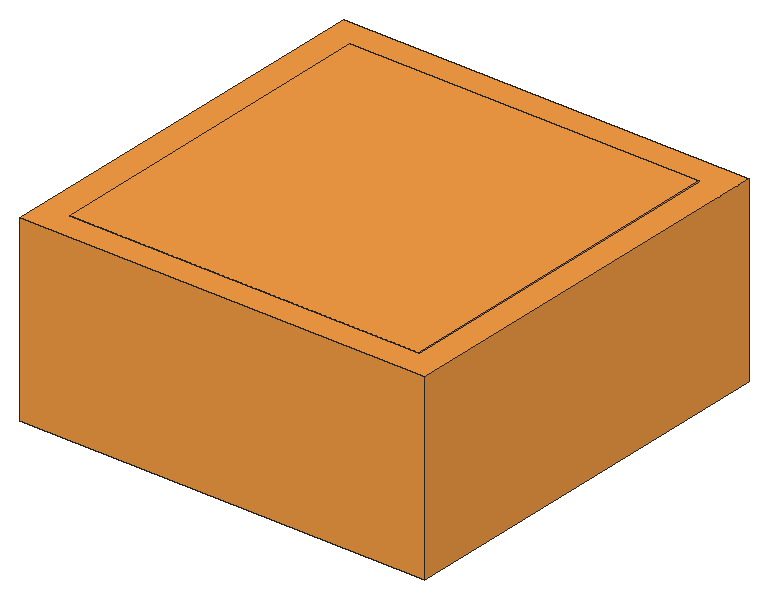
Revit family "Detector Titanus PRO·SENS tipo TP1_Aguilera Electronica", category Dispositivos de alarma de incendios, Revit 2017
Family settings
  Anfitrión = Cara
  Mantener orientación de anotación = Sí
  Cota de conector redondo = Diámetro de uso
  Tipo de pieza = Normal
  Número OmniClass = 23.85.30.21.11.17
  Título OmniClass = Other Components
  Corte con vacíos al cargar = No
  Compartido = No
  Punto de cálculo de habitación = No
Parameters (values of type "Titanus PRO·SENS tipo TP1 de 1 módulo de detección - Sensibilidad 0,5%")
  Zona de acción 80 m2 = yes
  Zona de acción 60 m2 = yes
  Voltaje = ""
  URL = "http://aguilera.es/?productos=titanus-prosens-tipo-tp1-1-modulo-de-deteccion"
  Símbolo texto modelo = yes
  Símbolo = yes
  Modelo = "AETP1-50"
  Fondo = 113 mm
  Fabricante = "Aguilera Electrónica"  # constant formula
  Elevación por defecto = 1200 mm
  Diámetro tubo = 20 mm
  Description = "El TITANUS PRO·SENS® ha sido desarrollado para una gran gama de aplicaciones. La alta modularidad del sistema ofrece una solución económica adaptada a las necesidades individuales del cliente.\r\n\r\nOfrece las opciones siguientes:\r\n\r\nConexión de uno o dos módulos detectores. Con un solo equipo podemos vigilar dos zonas, o bien doble detección en la misma zona (mediante el uso del adaptador en “”””Y”””” AET-P01109255).\r\nDe 1 a 3 niveles de alarma (aviso, prealarma y alarma) con relés conmutados libres de tensión, en función del modelo, para cada módulo detector.\r\nRelé de avería.\r\nConexión a red Ethernet, mediante tarjeta de red AET/ IT (No para modelos TP1).\r\nConexión al bucle algorítmico de Aguilera Electrónica mediante la tarjeta AE/SA-IT.\r\nVersión para zonas de congelación, que se puede utilizar en aplicaciones hasta – 40ºC.\r\nVersión silenciosa, con un nivel de ruido de 23dB(A).\r\n\r\nCaracterísticas técnicas:\r\n\r\nAlimentación: 24Vcc (14-30).\r\nDimensiones: 200x292x113 mm.\r\nIntervalo de temperatura: -20ºC a +60ºC.\r\nHumedad: del 10% al 95% sin condensación.\r\nCertificados EN 54-20 clases A, B, C nº 0786-CPD-20685.\r\nHomologados VdS, nº G 202064.\r\n"  # constant formula
  Código de montaje = "D5030700"
  Comentarios de tipo = "1 Nivel de alarma.\r\nNº máx. orificios de aspiración: 32.\r\nLongitud máx. de conducto: 300 m.\r\nConsumo en reposo: 200 mA.\r\nConsumo máximo en alarma: 210 mA””.\r\nSensibilidad: 0,5%."
  Ancho = 200 mm
  Alto = 292 mm
Types (23, lengths in mm): name | Modelo | Comentarios de tipo
  (no name) | "AETP1-50" | "1 Nivel de alarma.\r\nNº máx. orificios de aspiración: 32.\r\nLongitud máx. de conducto: 300 m.\r\nConsumo en reposo: 200 mA.\r\nConsumo máximo en alarma: 210 mA””.\r\nSensibilidad: 0,5%."
  Titanus PRO·SENS tipo TP1 de 1 módulo de detección - Sensibilidad 0,5% | "AETP1-50" | "1 Nivel de alarma.\r\nNº máx. orificios de aspiración: 32.\r\nLongitud máx. de conducto: 300 m.\r\nConsumo en reposo: 200 mA.\r\nConsumo máximo en alarma: 210 mA””.\r\nSensibilidad: 0,5%."
  Titanus PRO·SENS tipo TP1 de 1 módulo de detección - Sensibilidad 0,1% | "AETP1-10" | "1 Nivel de alarma.\r\nNº máx. orificios de aspiración: 32.\r\nLongitud máx. de conducto: 300 m.\r\nConsumo en reposo: 200 mA.\r\nConsumo máximo en alarma: 210 mA””.\r\nSensibilidad: 0,1%."
  Titanus PRO·SENS tipo TP1 de 1 módulo de detección - Sensibilidad 0,015% | "AETP1-01" | "1 Nivel de alarma.\r\nNº máx. orificios de aspiración: 32.\r\nLongitud máx. de conducto: 300 m.\r\nConsumo en reposo: 200 mA.\r\nConsumo máximo en alarma: 210 mA””.\r\nSensibilidad: 0,015%."
  Titanus PRO·SENS tipo TP1 de 1 módulo de detección para ambiente frigorífico - Sensibilidad 0,5% | "AETP1-F50" | "1 Nivel de alarma.\r\nNº máx. orificios de aspiración: 32.\r\nLongitud máx. de conducto: 300 m.\r\nConsumo en reposo: 200 mA.\r\nConsumo máximo en alarma: 210 mA””.\r\nSensibilidad: 0,5%."
  Titanus PRO·SENS tipo TP1 de 1 módulo de detección para ambiente frigorífico - Sensibilidad 0,1% | "AETP1-F10" | "1 Nivel de alarma.\r\nNº máx. orificios de aspiración: 32.\r\nLongitud máx. de conducto: 300 m.\r\nConsumo en reposo: 200 mA.\r\nConsumo máximo en alarma: 210 mA””.\r\nSensibilidad: 0,1%."
  Titanus PRO·SENS tipo TP1 de 1 módulo de detección para ambiente frigorífico - Sensibilidad 0,015% | "AETP1-F01" | "1 Nivel de alarma.\r\nNº máx. orificios de aspiración: 32.\r\nLongitud máx. de conducto: 300 m.\r\nConsumo en reposo: 200 mA.\r\nConsumo máximo en alarma: 210 mA””.\r\nSensibilidad: 0,015%."
  Titanus PRO·SENS tipo TP1 de 2 módulos de detección - Sensibilidad 0,5% y 0,5% | "AETP1-2-50" | "1 Nivel de alarma.\r\nNº máx. orificios de aspiración: 64 (2 x 32).\r\nLongitud máx. de conducto: 560 m (2 x 280).\r\nConsumo en reposo: 220 mA.\r\nConsumo máximo en alarma: 240 mA.\r\nSensibilidad Módulo 1: 0,5%.\r\nSensibilidad Módulo 2: 0,5%."
  Titanus PRO·SENS tipo TP1 de 2 módulos de detección - Sensibilidad 0,1% y 0,5% | "AETP1-2-1050" | "1 Nivel de alarma.\r\nNº máx. orificios de aspiración: 64 (2 x 32).\r\nLongitud máx. de conducto: 560 m (2 x 280).\r\nConsumo en reposo: 220 mA.\r\nConsumo máximo en alarma: 240 mA.\r\nSensibilidad Módulo 1: 0,1%.\r\nSensibilidad Módulo 2: 0,5%."
  Titanus PRO·SENS tipo TP1 de 2 módulos de detección - Sensibilidad 0,1% y 0,1% | "AETP1-2-10" | "1 Nivel de alarma.\r\nNº máx. orificios de aspiración: 64 (2 x 32).\r\nLongitud máx. de conducto: 560 m (2 x 280).\r\nConsumo en reposo: 220 mA.\r\nConsumo máximo en alarma: 240 mA.\r\nSensibilidad Módulo 1: 0,1%.\r\nSensibilidad Módulo 2: 0,1%."
  Titanus PRO·SENS tipo TP1 de 2 módulos de detección - Sensibilidad 0,15% y 0,5% | "AETP1-2-0150" | "1 Nivel de alarma.\r\nNº máx. orificios de aspiración: 64 (2 x 32).\r\nLongitud máx. de conducto: 560 m (2 x 280).\r\nConsumo en reposo: 220 mA.\r\nConsumo máximo en alarma: 240 mA.\r\nSensibilidad Módulo 1: 0,15%.\r\nSensibilidad Módulo 2: 0,5%."
  Titanus PRO·SENS tipo TP1 de 2 módulos de detección - Sensibilidad 0,15% y 0,1% | "AETP1-2-0110" | "1 Nivel de alarma.\r\nNº máx. orificios de aspiración: 64 (2 x 32).\r\nLongitud máx. de conducto: 560 m (2 x 280).\r\nConsumo en reposo: 220 mA.\r\nConsumo máximo en alarma: 240 mA.\r\nSensibilidad Módulo 1: 0,15%.\r\nSensibilidad Módulo 2: 0,1%."
  Titanus PRO·SENS tipo TP1 de 2 módulos de detección - Sensibilidad 0,15% y 0,15% | "AETP1-2-01" | "1 Nivel de alarma.\r\nNº máx. orificios de aspiración: 64 (2 x 32).\r\nLongitud máx. de conducto: 560 m (2 x 280).\r\nConsumo en reposo: 220 mA.\r\nConsumo máximo en alarma: 240 mA.\r\nSensibilidad Módulo 1: 0,15%.\r\nSensibilidad Módulo 2: 0,15%."
  Titanus PRO·SENS tipo TP1 de 2 módulos de detección para ambiente frigorífico - Sensibilidad 0,5% y 0,5% | "AETP1-F2-50" | "1 Nivel de alarma.\r\nNº máx. orificios de aspiración: 64 (2 x 32).\r\nLongitud máx. de conducto: 560 m (2 x 280).\r\nConsumo en reposo: 220 mA.\r\nConsumo máximo en alarma: 240 mA.\r\nSensibilidad Módulo 1: 0,5%.\r\nSensibilidad Módulo 2: 0,5%."
  Titanus PRO·SENS tipo TP1 de 2 módulos de detección para ambiente frigorífico - Sensibilidad 0,1% y 0,1% | "AETP1-F2-10" | "1 Nivel de alarma.\r\nNº máx. orificios de aspiración: 64 (2 x 32).\r\nLongitud máx. de conducto: 560 m (2 x 280).\r\nConsumo en reposo: 220 mA.\r\nConsumo máximo en alarma: 240 mA.\r\nSensibilidad Módulo 1: 0,1%.\r\nSensibilidad Módulo 2: 0,1%."
  Titanus PRO·SENS tipo TP1 de 2 módulos de detección para ambiente frigorífico - Sensibilidad 0,1% y 0,5% | "AETP1-F2-1050" | "1 Nivel de alarma.\r\nNº máx. orificios de aspiración: 64 (2 x 32).\r\nLongitud máx. de conducto: 560 m (2 x 280).\r\nConsumo en reposo: 220 mA.\r\nConsumo máximo en alarma: 240 mA.\r\nSensibilidad Módulo 1: 0,1%.\r\nSensibilidad Módulo 2: 0,5%."
  Titanus PRO·SENS tipo TP1 de 2 módulos de detección para ambiente frigorífico - Sensibilidad 0,15% y 0,1% | "AETP1-F2-0110" | "1 Nivel de alarma.\r\nNº máx. orificios de aspiración: 64 (2 x 32).\r\nLongitud máx. de conducto: 560 m (2 x 280).\r\nConsumo en reposo: 220 mA.\r\nConsumo máximo en alarma: 240 mA.\r\nSensibilidad Módulo 1: 0,15%.\r\nSensibilidad Módulo 2: 0,1%."
  Titanus PRO·SENS tipo TP1 de 2 módulos de detección para ambiente frigorífico - Sensibilidad 0,15% y 0,15% | "AETP1-F2-01" | "1 Nivel de alarma.\r\nNº máx. orificios de aspiración: 64 (2 x 32).\r\nLongitud máx. de conducto: 560 m (2 x 280).\r\nConsumo en reposo: 220 mA.\r\nConsumo máximo en alarma: 240 mA.\r\nSensibilidad Módulo 1: 0,15%.\r\nSensibilidad Módulo 2: 0,15%."
  Titanus PRO·SENS tipo TP1 de 2 módulos de detección para ambiente frigorífico - Sensibilidad 0,15% y 0,5% | "AETP1-F2-0150" | "1 Nivel de alarma.\r\nNº máx. orificios de aspiración: 64 (2 x 32).\r\nLongitud máx. de conducto: 560 m (2 x 280).\r\nConsumo en reposo: 220 mA.\r\nConsumo máximo en alarma: 240 mA.\r\nSensibilidad Módulo 1: 0,15%.\r\nSensibilidad Módulo 2: 0,5%."
  Titanus PRO·SENS tipo TP1 de 2 módulos de detección doble detección - Sensibilidad 0,5% y 0,5% | "AETP1-2-D5050" | "1 Nivel de alarma.\r\nNº máx. orificios de aspiración: 64 (2 x 32).\r\nLongitud máx. de conducto: 560 m (2 x 280).\r\nConsumo en reposo: 220 mA.\r\nConsumo máximo en alarma: 240 mA.\r\nSensibilidad Módulo 1: 0,5%.\r\nSensibilidad Módulo 2: 0,5%."
  Titanus PRO·SENS tipo TP1 de 2 módulos de detección doble detección - Sensibilidad 0,1% y 0,5% | "AETP1-2-D1050" | "1 Nivel de alarma.\r\nNº máx. orificios de aspiración: 64 (2 x 32).\r\nLongitud máx. de conducto: 560 m (2 x 280).\r\nConsumo en reposo: 220 mA.\r\nConsumo máximo en alarma: 240 mA.\r\nSensibilidad Módulo 1: 0,1%.\r\nSensibilidad Módulo 2: 0,5%."
  Titanus PRO·SENS tipo TP1 de 2 módulos de detección doble detección - Sensibilidad 0,15% y 0,5% | "AETP1-2-D0150" | "1 Nivel de alarma.\r\nNº máx. orificios de aspiración: 64 (2 x 32).\r\nLongitud máx. de conducto: 560 m (2 x 280).\r\nConsumo en reposo: 220 mA.\r\nConsumo máximo en alarma: 240 mA.\r\nSensibilidad Módulo 1: 0,15%.\r\nSensibilidad Módulo 2: 0,5%."
  Titanus PRO·SENS tipo TP1 de 2 módulos de detección doble detección - Sensibilidad 0,15% y 0,1% | "AETP1-2-D0110" | "1 Nivel de alarma.\r\nNº máx. orificios de aspiración: 64 (2 x 32).\r\nLongitud máx. de conducto: 560 m (2 x 280).\r\nConsumo en reposo: 220 mA.\r\nConsumo máximo en alarma: 240 mA.\r\nSensibilidad Módulo 1: 0,15%.\r\nSensibilidad Módulo 2: 0,1%."
Reference planes
  plane 1 "Centro (Frontal/Posterior)": y = 0
  plane 2: z = 0
  plane 3 "Centro (Izquierda/Derecha)": x = 0
  plane 4: y = 146
  plane 5: y = -146
  plane 6: x = -100
  plane 7: x = 100
  plane 8: z = 113
  plane 9: z = 110
  plane 10: z = 107
Forms (mm)
  Extrusion 1, solid
    sketch origin (0, 0, 0) x (1, 0, 0) y (0, 1, 0)
      loop
        line (-1219.2, 1219.2) -> (-1219.2, -1219.2) -> (1219.2, -1219.2) -> (1219.2, 1219.2) -> (-1219.2, 1219.2)
    from 0 to -304.8
  Extrusion 2, solid, material "ABS Gris"
    sketch origin (0, 0, 0) x (1, 0, 0) y (0, 1, 0)
      loop
        line (-100, -146) -> (100, -146) -> (100, 146) -> (-100, 146) -> (-100, -146)
    from 0 to 113 <- "Fondo"
  Extrusion 3, solid, material "ABS Gris", detail levels fine
    sketch origin (0, 0, 0) x (1, 0, 0) y (0, 1, 0)
      loop
        line (84.502, -111.186) -> (84.502, -0.381)
        arc (84.502, -0.381) -> (-2.643, -8.099) -> (-85.498, -36.186) r 367.691
        line (-85.498, -36.186) -> (-85.498, -111.186) -> (84.502, -111.186)
    from 113 to 123
  Extrusion 4, solid, material "ABS Gris", detail levels fine
    sketch origin (0, 0, 0) x (1, 0, 0) y (0, 0, 1)
      loop
        circle (34.456, 58.972) r 15
    from -156 to -146
  Extrusion 5, solid, material "ABS Gris", detail levels fine
    sketch origin (0, 0, 0) x (-1, 0, 0) y (0, 0, -1)
      loop
        circle (34.456, -58.972) r 15
    from -156 to -146
  Extrusion 6, solid, material "Zona de acción", visible <- "Zona de acción 80 m2"
    sketch origin (-3703.865, 3705, 0) x (1, 0, 0) y (0, 1, 0)
      loop
        line (-746.135, -8155) -> (8153.865, -8155) -> (8153.865, 745) -> (-746.135, 745) -> (-746.135, -8155)
    from 0 to 4000
  Extrusion 7, solid, material "Zona de acción", visible <- "Zona de acción 60 m2"
    sketch origin (-4303.865, 3105, 0) x (1, 0, 0) y (0, 1, 0)
      loop
        line (453.865, -6955) -> (8153.865, -6955) -> (8153.865, 745) -> (453.865, 745) -> (453.865, -6955)
    from 0 to 4000
Dimensions and locks
  equal spacing: plane 5, plane 1 "Centro (Frontal/Posterior)", plane 4
  "Alto": plane 5 to plane 4
  equal spacing: plane 6, plane 3 "Centro (Izquierda/Derecha)", plane 7
  "Ancho": plane 6 to plane 7
  "Fondo": plane 8 to plane 2
  locked: plane 8 to plane 10 at 6
  locked: plane 8 to plane 9 at 3
  aligned and locked: plane 2 to Extrusion 1
  aligned and locked: level to Extrusion 1
  aligned and locked: plane 5 to Extrusion 2 sketch curve
  aligned and locked: Extrusion 2 sketch curve to plane 6
  aligned and locked: plane 4 to Extrusion 2 sketch curve
  aligned and locked: Extrusion 2 sketch curve to plane 7
Automatic sketch dimensions
  Extrusion 1 sketch curve to Extrusion 1 sketch curve = 2438.4 mm  (x2)
  plane 6 to Extrusion 3 sketch curve = 14.502 mm
  plane 7 to Extrusion 3 sketch curve = 26.864 mm
  plane 1 "Centro (Frontal/Posterior)" to Extrusion 3 sketch curve = 0.381 mm
  plane 7 to Extrusion 3 sketch curve = 15.498 mm
  plane 1 "Centro (Frontal/Posterior)" to Extrusion 3 sketch curve = 36.186 mm
  Extrusion 3 sketch curve to plane 5 = 34.814 mm
  plane 3 "Centro (Izquierda/Derecha)" to Extrusion 4 sketch curve = 34.456 mm
  Extrusion 4 sketch curve to plane 10 = 48.028 mm
  plane 3 "Centro (Izquierda/Derecha)" to Extrusion 5 sketch curve = 34.456 mm
  plane 10 to Extrusion 5 sketch curve = 48.028 mm
  Extrusion 6 sketch curve to plane 6 = 4350 mm
  Extrusion 6 sketch curve to plane 7 = 4350 mm
  plane 5 to Extrusion 6 sketch curve = 4304 mm
  plane 4 to Extrusion 6 sketch curve = 4304 mm
  Extrusion 7 sketch curve to plane 6 = 3750 mm
  Extrusion 7 sketch curve to plane 7 = 3750 mm
  plane 5 to Extrusion 7 sketch curve = 3704 mm
  plane 4 to Extrusion 7 sketch curve = 3704 mm
  radius of Extrusion 4 sketch curve = 15 mm
  radius of Extrusion 5 sketch curve = 15 mm
Nested families
  nested 1: "S_Detector Titanus PRO·SENS_Aguilera Electronica" at (0, 0, 0), visible <- "Símbolo", type "S_Detector Titanus PRO·SENS_Aguilera Electronica"
Connectors
  electrical at (0, 0, 0), driven by "Modelo"
    settings: index 1, voltage 0 V, apparent load 0 VA, apparent load phase1 0 VA, apparent load phase2 0 VA, apparent load phase3 0 VA, power factor 1, load classification "Potencia", number of poles 1, system type 31, power factor state 1, is connector primary yes, connector utility no, sub classification motor no, connector description "AETP1-50"
  cabletrayconduit at (0, 0, 0), diameter 20, driven by "Modelo", driven by "Diámetro tubo"
    settings: on Extrusion 2, index 2, connector width 300 mm, connector height 300 mm, connector angle 0.00°, system type 32, placement type 0, profile type 0, connector reference index -1, is primary connector yes, connector utility param no, connector description "AETP1-50"
Definition of nested family "S_Detector Titanus PRO·SENS_Aguilera Electronica"
  Parameters (values of type "S_Detector Titanus PRO·SENS_Aguilera Electronica")
    Texto símbolo = "Detector"
    Texto modelo = yes
    Modelo = "Detector"
  Reference planes
    plane 1: y = 0
    plane 2: x = 0
  Lines and regions (mm)
    detail lines
      curve 1: line (-3.572, -5.498, 0) -> (3.896, -5.498, 0)
      curve 2: line (-3.572, 5.498, 0) -> (-3.572, -5.498, 0)
      curve 3: line (3.896, 5.498, 0) -> (-3.572, 5.498, 0)
      curve 4: line (3.896, -5.498, 0) -> (3.896, 5.498, 0)
  Text (mm)
    label "Texto símbolo" at (-0.164, 2.864, 0), shows "Texto símbolo"
    label "Modelo" at (-0.164, -2.652, 0), shows "Modelo", visible <- "Texto modelo"
